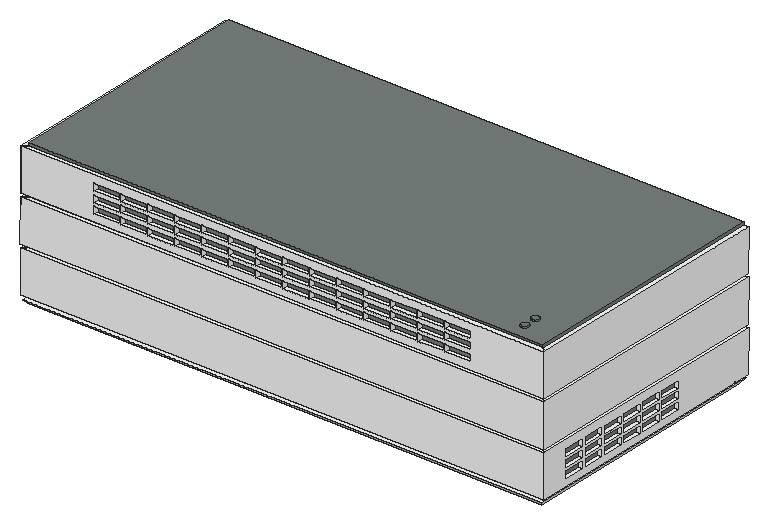
Revit family "AM 500 HT", category Mechanical Equipment, Revit 2019
Family settings
  Round Connector Dimension = Use Diameter
  Part Type = Normal
  OmniClass Number = 23.75.00.00
  OmniClass Title = Climate Control (HVAC)
  Work Plane-Based = No
  Always vertical = Yes
  Cut with Voids When Loaded = No
  Shared = No
  Room Calculation Point = No
Parameters
  Weight (Standard Unit) = 108  # constant formula
  Water Heater Surface Return = 10 mm  # constant formula
  Water Heater Surface IN = 10 mm  # constant formula
  Version number = "1,0"
  URL = "www.airmaster-as.com"
  Total Width = 1600 mm  # constant formula
  Total Hight = 439 mm  # constant formula
  T-C Duct Supply = 171.3 mm  # constant formula
  T-C Duct Exhaust = 171.3 mm  # constant formula
  Suply Air In = 250 mm  # constant formula
  Sidepanel Top [instance] = yes
  Sidepanel Middle [instance] = yes
  Side Panel Buttom [instance] = yes
  R-C Duct Supply = 238 mm  # constant formula
  Publication date = "22.05.2023"
  Phase 1 - Max Power Consumption = "1762 W"
  Phase 1 - Max Current = "8,1 A"
  Nominal current, electrical preheating surface = "4,4 A"
  Nominal current, electrical comfort heating surface = "2,6 A"
  Nominal current, air handling unit = "1,1 A"
  Network Conection = "AWG 24 CAT 5e STP"
  Model = "AM 500 HT"
  Middel panel [instance] = yes
  Max. flow rate 35 dB(A) with ePM10 80% filters = 440.00 m³  # constant formula
  Max. flow rate 35 dB(A) with ePM10 55% filters = 495.00 m³  # constant formula
  Max. flow rate 35 dB(A) with ePM10 50% filters = 550.00 m³  # constant formula
  Max. flow rate 30 dB(A) with ePM10 80% filters = 344.00 m³  # constant formula
  Max. flow rate 30 dB(A) with ePM10 55% filters = 387.00 m³  # constant formula
  Max. flow rate 30 dB(A) with ePM10 50% filters = 430.00 m³  # constant formula
  Manufacturer = "Airmaster A/S"
  Maintenance [instance] = no
  L-C Duct Exhaust = 192 mm  # constant formula
  Exhaust Air = 250 mm  # constant formula
  Total Depth = 779 mm  # constant formula
  Electrical connection = "1 ~ 230 V / N / PE / 50 Hz"
  Drawn By = "LSB"
  Condensate = 9 mm  # constant formula
  BMS Panel = "(PTS) 2x2x0,6"
  BMS Out = "(PTS) 2x2x0,6"
  BMS IN = "(PTS) 2x2x0,6"
  Airlow area [instance] = no
Reference planes
  plane 1 "Center (Front/Back)": y = 0
  plane 2: z = 0
  plane 3 "Center (Left/Right)": x = 0
  plane 4 "Center L/S": y = -779
  plane 5 "Center L/T": x = -800
  plane 6 "Center L/U": x = 800
  plane 7 "TOP": z = 439
  plane 8 "Center L/V": x = -785
  plane 9 "Center L/W": y = -764
  plane 10 "Center L/X": x = 785
  plane 11 "Panel Buttom": z = 24.45
  plane 12 "Panel Top": z = 153.45
  plane 13 "Hatch": z = 14.5
  plane 14 "Center L/Z": z = 163.4
  plane 15 "Center L/AA": z = 292.4
  plane 16 "Center L/BB": z = 302.35
  plane 17 "Center L/CC": z = 431.35
Forms (mm)
  Extrusion 1, solid, material "AM Grey"
    sketch origin (0, 0, 0) x (1, 0, 0) y (0, 1, 0)
      loop
        line (-785, 0) -> (-785, -764) -> (785, -764) -> (785, 0) -> (-785, 0)
    from 14.5 to 439
  Extrusion 2, solid, material "AM White"
    sketch origin (794.5, -1524, 24.45) x (0, -1, 0) y (-1, 0, 0)
      loop
        line (-745, -5.5) -> (-745, 1594.5) -> (-760, 1579.5) -> (-760, 9.5) -> (-745, -5.5)
    from 0 to -129
  Blend 3, solid, material "AM White"
    base sketch origin (-790.646, -1524, 14.5) x (0, -1, 0) y (1, 0, 0)
      loop
        line (-745, -2.387) -> (-745, 1583.657) -> (-1524, 1583.657) -> (-1524, -2.387) -> (-745, -2.387)
    top sketch origin (-790.646, -1524, 14.5) x (0, -1, 0) y (1, 0, 0)
      loop
        line (-760, 8.963) -> (-760, 1572.646) -> (-1509.161, 1572.646) -> (-1509.161, 8.963) -> (-760, 8.963)
    from 0 to -14.5
  Extrusion 4, void
    sketch origin (1480.036, -779, 302.35) x (1, 0, 0) y (0, 0, -1)
      loop
        line (-2055.036, -85.5) -> (-2055.036, -107.5) -> (-1977.536, -107.5) -> (-1977.536, -85.5) -> (-2055.036, -85.5)
      loop
        line (-2055.036, -53.5) -> (-2055.036, -75.5) -> (-1977.536, -75.5) -> (-1977.536, -53.5) -> (-2055.036, -53.5)
      loop
        line (-2055.036, -21.5) -> (-2055.036, -43.5) -> (-1977.536, -43.5) -> (-1977.536, -21.5) -> (-2055.036, -21.5)
      loop
        line (-1972.536, -85.5) -> (-1972.536, -107.5) -> (-1895.036, -107.5) -> (-1895.036, -85.5) -> (-1972.536, -85.5)
      loop
        line (-1972.536, -53.5) -> (-1972.536, -75.5) -> (-1895.036, -75.5) -> (-1895.036, -53.5) -> (-1972.536, -53.5)
      loop
        line (-1972.536, -21.5) -> (-1972.536, -43.5) -> (-1895.036, -43.5) -> (-1895.036, -21.5) -> (-1972.536, -21.5)
      loop
        line (-1890.036, -85.5) -> (-1890.036, -107.5) -> (-1812.536, -107.5) -> (-1812.536, -85.5) -> (-1890.036, -85.5)
      loop
        line (-1890.036, -53.5) -> (-1890.036, -75.5) -> (-1812.536, -75.5) -> (-1812.536, -53.5) -> (-1890.036, -53.5)
      loop
        line (-1890.036, -21.5) -> (-1890.036, -43.5) -> (-1812.536, -43.5) -> (-1812.536, -21.5) -> (-1890.036, -21.5)
      loop
        line (-1807.536, -85.5) -> (-1807.536, -107.5) -> (-1730.036, -107.5) -> (-1730.036, -85.5) -> (-1807.536, -85.5)
      loop
        line (-1807.536, -53.5) -> (-1807.536, -75.5) -> (-1730.036, -75.5) -> (-1730.036, -53.5) -> (-1807.536, -53.5)
      loop
        line (-1807.536, -21.5) -> (-1807.536, -43.5) -> (-1730.036, -43.5) -> (-1730.036, -21.5) -> (-1807.536, -21.5)
      loop
        line (-1725.036, -85.5) -> (-1725.036, -107.5) -> (-1647.536, -107.5) -> (-1647.536, -85.5) -> (-1725.036, -85.5)
      loop
        line (-1725.036, -53.5) -> (-1725.036, -75.5) -> (-1647.536, -75.5) -> (-1647.536, -53.5) -> (-1725.036, -53.5)
      loop
        line (-1725.036, -21.5) -> (-1725.036, -43.5) -> (-1647.536, -43.5) -> (-1647.536, -21.5) -> (-1725.036, -21.5)
      loop
        line (-1642.536, -85.5) -> (-1642.536, -107.5) -> (-1565.036, -107.5) -> (-1565.036, -85.5) -> (-1642.536, -85.5)
      loop
        line (-1642.536, -53.5) -> (-1642.536, -75.5) -> (-1565.036, -75.5) -> (-1565.036, -53.5) -> (-1642.536, -53.5)
      loop
        line (-1642.536, -21.5) -> (-1642.536, -43.5) -> (-1565.036, -43.5) -> (-1565.036, -21.5) -> (-1642.536, -21.5)
      loop
        line (-1560.036, -85.5) -> (-1560.036, -107.5) -> (-1482.536, -107.5) -> (-1482.536, -85.5) -> (-1560.036, -85.5)
      loop
        line (-1560.036, -53.5) -> (-1560.036, -75.5) -> (-1482.536, -75.5) -> (-1482.536, -53.5) -> (-1560.036, -53.5)
      loop
        line (-1560.036, -21.5) -> (-1560.036, -43.5) -> (-1482.536, -43.5) -> (-1482.536, -21.5) -> (-1560.036, -21.5)
      loop
        line (-1477.536, -85.5) -> (-1477.536, -107.5) -> (-1400.036, -107.5) -> (-1400.036, -85.5) -> (-1477.536, -85.5)
      loop
        line (-1477.536, -53.5) -> (-1477.536, -75.5) -> (-1400.036, -75.5) -> (-1400.036, -53.5) -> (-1477.536, -53.5)
      loop
        line (-1477.536, -21.5) -> (-1477.536, -43.5) -> (-1400.036, -43.5) -> (-1400.036, -21.5) -> (-1477.536, -21.5)
      loop
        line (-1395.036, -85.5) -> (-1395.036, -107.5) -> (-1317.536, -107.5) -> (-1317.536, -85.5) -> (-1395.036, -85.5)
      loop
        line (-1395.036, -53.5) -> (-1395.036, -75.5) -> (-1317.536, -75.5) -> (-1317.536, -53.5) -> (-1395.036, -53.5)
      loop
        line (-1395.036, -21.5) -> (-1395.036, -43.5) -> (-1317.536, -43.5) -> (-1317.536, -21.5) -> (-1395.036, -21.5)
      loop
        line (-1312.536, -85.5) -> (-1312.536, -107.5) -> (-1235.036, -107.5) -> (-1235.036, -85.5) -> (-1312.536, -85.5)
      loop
        line (-1312.536, -53.5) -> (-1312.536, -75.5) -> (-1235.036, -75.5) -> (-1235.036, -53.5) -> (-1312.536, -53.5)
      loop
        line (-1312.536, -21.5) -> (-1312.536, -43.5) -> (-1235.036, -43.5) -> (-1235.036, -21.5) -> (-1312.536, -21.5)
      loop
        line (-1230.036, -85.5) -> (-1230.036, -107.5) -> (-1152.536, -107.5) -> (-1152.536, -85.5) -> (-1230.036, -85.5)
      loop
        line (-1230.036, -53.5) -> (-1230.036, -75.5) -> (-1152.536, -75.5) -> (-1152.536, -53.5) -> (-1230.036, -53.5)
      loop
        line (-1230.036, -21.5) -> (-1230.036, -43.5) -> (-1152.536, -43.5) -> (-1152.536, -21.5) -> (-1230.036, -21.5)
      loop
        line (-1147.536, -85.5) -> (-1147.536, -107.5) -> (-1070.036, -107.5) -> (-1070.036, -85.5) -> (-1147.536, -85.5)
      loop
        line (-1147.536, -53.5) -> (-1147.536, -75.5) -> (-1070.036, -75.5) -> (-1070.036, -53.5) -> (-1147.536, -53.5)
      loop
        line (-1147.536, -21.5) -> (-1147.536, -43.5) -> (-1070.036, -43.5) -> (-1070.036, -21.5) -> (-1147.536, -21.5)
      loop
        line (-1065.036, -85.5) -> (-1065.036, -107.5) -> (-987.536, -107.5) -> (-987.536, -85.5) -> (-1065.036, -85.5)
      loop
        line (-1065.036, -53.5) -> (-1065.036, -75.5) -> (-987.536, -75.5) -> (-987.536, -53.5) -> (-1065.036, -53.5)
      loop
        line (-1065.036, -21.5) -> (-1065.036, -43.5) -> (-987.536, -43.5) -> (-987.536, -21.5) -> (-1065.036, -21.5)
      loop
        line (-982.536, -85.5) -> (-982.536, -107.5) -> (-905.036, -107.5) -> (-905.036, -85.5) -> (-982.536, -85.5)
      loop
        line (-982.536, -53.5) -> (-982.536, -75.5) -> (-905.036, -75.5) -> (-905.036, -53.5) -> (-982.536, -53.5)
      loop
        line (-982.536, -21.5) -> (-982.536, -43.5) -> (-905.036, -43.5) -> (-905.036, -21.5) -> (-982.536, -21.5)
    from 0 to 15
  Extrusion 5, solid, material "AM Grey"
    sketch origin (-785, -20, 0) x (0, 1, 0) y (0, 0, -1)
      loop
        arc (-34.231, -35.823) -> (-20.604, -46.468) -> (-15.509, -29.944) r 10.5
        arc (-15.509, -29.944) -> (-26.896, -26.432) -> (-34.231, -35.823) r 10.5
    from 0 to 14.9
  Extrusion 6, void
    sketch origin (800, 1296.25, 24.45) x (0, 1, 0) y (0, 0, -1)
      loop
        line (-1995, -105.164) -> (-1927, -105.164) -> (-1927, -80.664) -> (-1995, -80.664) -> (-1995, -105.164)
      loop
        line (-1995, -75.664) -> (-1927, -75.664) -> (-1927, -51.164) -> (-1995, -51.164) -> (-1995, -75.664)
      loop
        line (-1995, -46.164) -> (-1927, -46.164) -> (-1927, -21.664) -> (-1995, -21.664) -> (-1995, -46.164)
      loop
        line (-1922, -105.164) -> (-1854, -105.164) -> (-1854, -80.664) -> (-1922, -80.664) -> (-1922, -105.164)
      loop
        line (-1922, -75.664) -> (-1854, -75.664) -> (-1854, -51.164) -> (-1922, -51.164) -> (-1922, -75.664)
      loop
        line (-1922, -46.164) -> (-1854, -46.164) -> (-1854, -21.664) -> (-1922, -21.664) -> (-1922, -46.164)
      loop
        line (-1849, -105.164) -> (-1781, -105.164) -> (-1781, -80.664) -> (-1849, -80.664) -> (-1849, -105.164)
      loop
        line (-1849, -75.664) -> (-1781, -75.664) -> (-1781, -51.164) -> (-1849, -51.164) -> (-1849, -75.664)
      loop
        line (-1849, -46.164) -> (-1781, -46.164) -> (-1781, -21.664) -> (-1849, -21.664) -> (-1849, -46.164)
      loop
        line (-1776, -105.164) -> (-1708, -105.164) -> (-1708, -80.664) -> (-1776, -80.664) -> (-1776, -105.164)
      loop
        line (-1776, -75.664) -> (-1708, -75.664) -> (-1708, -51.164) -> (-1776, -51.164) -> (-1776, -75.664)
      loop
        line (-1776, -46.164) -> (-1708, -46.164) -> (-1708, -21.664) -> (-1776, -21.664) -> (-1776, -46.164)
      loop
        line (-1703, -105.164) -> (-1635, -105.164) -> (-1635, -80.664) -> (-1703, -80.664) -> (-1703, -105.164)
      loop
        line (-1703, -75.664) -> (-1635, -75.664) -> (-1635, -51.164) -> (-1703, -51.164) -> (-1703, -75.664)
      loop
        line (-1703, -46.164) -> (-1635, -46.164) -> (-1635, -21.664) -> (-1703, -21.664) -> (-1703, -46.164)
      loop
        line (-1630, -105.164) -> (-1562, -105.164) -> (-1562, -80.664) -> (-1630, -80.664) -> (-1630, -105.164)
      loop
        line (-1630, -75.664) -> (-1562, -75.664) -> (-1562, -51.164) -> (-1630, -51.164) -> (-1630, -75.664)
      loop
        line (-1630, -46.164) -> (-1562, -46.164) -> (-1562, -21.664) -> (-1630, -21.664) -> (-1630, -46.164)
    from 0 to 15
  Extrusion 7, solid, material "AM Grey"
    sketch origin (785, 0, 0) x (0, -1, 0) y (0, 0, -1)
      loop
        circle (48.75, -36.414) r 8
    from 0 to 14.9
  Extrusion 8, solid, material "AM Grey"
    sketch origin (785, 0, 0) x (0, -1, 0) y (0, 0, -1)
      loop
        circle (48.75, -60.414) r 5.5
    from 0 to 14.9
  Extrusion 9, solid, material "AM Grey"
    sketch origin (785, 0, 0) x (0, -1, 0) y (0, 0, -1)
      loop
        arc (52.21, -82.945) -> (49.124, -78.934) -> (45.257, -82.197) r 3.5
        arc (45.257, -82.197) -> (48.376, -85.894) -> (52.21, -82.945) r 3.5
    from 0 to 14.9
  Extrusion 10, solid, material "AM Grey"
    sketch origin (785, 0, 0) x (0, -1, 0) y (0, 0, -1)
      loop
        arc (52.21, -104.867) -> (49.124, -100.856) -> (45.257, -104.119) r 3.5
        arc (45.257, -104.119) -> (48.376, -107.816) -> (52.21, -104.867) r 3.5
    from 0 to 14.9
  Extrusion 11, solid, material "AM Grey"
    sketch origin (785, 0, 0) x (0, -1, 0) y (0, 0, -1)
      loop
        arc (666.553, -391.641) -> (678.119, -403.614) -> (689.95, -391.903) r 11.7
        arc (689.95, -391.903) -> (678.381, -380.215) -> (666.553, -391.641) r 11.7
    from 0 to 2
  Extrusion 12, solid, material "AM Grey"
    sketch origin (785, 0, 0) x (0, -1, 0) y (0, 0, -1)
      loop
        arc (707.323, -393.239) -> (721.418, -403.717) -> (730.869, -388.914) r 12
        arc (730.869, -388.914) -> (717.082, -380.112) -> (707.323, -393.239) r 12
    from 0 to 2
  Extrusion 13, solid, material "AM Grey"
    sketch origin (-785, 0, 0) x (1, 0, 0) y (0, 0, -1)
      loop
        circle (1347, -267.7) r 125
    from 0 to 18.45
  Extrusion 14, solid, material "AM Grey"
    sketch origin (-785, 0, 0) x (1, 0, 0) y (0, 0, -1)
      loop
        circle (177, -267.7) r 125
    from 0 to 18.45
  Extrusion 15, solid, material "AM Grey"
    sketch origin (-2194.69, 0, 0) x (1, 0, 0) y (0, 0, -1)
      loop
        arc (1478.835, -24) -> (1493.457, -45.482) -> (1480.281, -23.084) r 13
        line (1480.281, -23.084) -> (1478.835, -24)
    from 0 to 2
  Extrusion 16, solid, material "AM Grey"
    sketch origin (0, 0, 439) x (1, 0, 0) y (0, 1, 0)
      loop
        arc (693.662, -689.53) -> (693, -667.55) -> (692.338, -689.53) r 11
        line (692.338, -689.53) -> (693.662, -689.53)
    from 0 to 2
  Extrusion 17, solid, material "AM Grey"
    sketch origin (0, 0, 439) x (1, 0, 0) y (0, 1, 0)
      loop
        arc (693.662, -730.28) -> (693, -708.3) -> (692.338, -730.28) r 11
        line (692.338, -730.28) -> (693.662, -730.28)
    from 0 to 2
  Extrusion 18, solid, material "Maintenece", visible <- "Maintenance"
    sketch origin (-790.646, -1524, 0) x (1, 0, 0) y (0, -1, 0)
      loop
        line (-9.354, -1524) -> (1590.646, -1524) -> (1590.646, -745) -> (-9.354, -745) -> (-9.354, -1524)
    from 0 to 1200
  Extrusion 19, solid, material "Maintenece", visible <- "Airlow area"
    sketch origin (800, 1296.25, 24.45) x (0, -1, 0) y (0, 0, -1)
      loop
        line (1296.25, -129) -> (2081.25, -129) -> (2081.25, 21) -> (1296.25, 21) -> (1296.25, -129)
    from 0 to 500
  Extrusion 20, solid, material "AM White", visible <- "Middel panel"
    sketch origin (794.5, -1524, 163.4) x (0, -1, 0) y (-1, 0, 0)
      loop
        line (-745, -5.5) -> (-745, 1594.5) -> (-760, 1579.5) -> (-760, 9.5) -> (-745, -5.5)
    from 0 to -129
  Extrusion 21, solid, material "AM White"
    sketch origin (794.5, -1524, 302.35) x (0, -1, 0) y (-1, 0, 0)
      loop
        line (-745, -5.5) -> (-745, 1594.5) -> (-760, 1579.5) -> (-760, 9.5) -> (-745, -5.5)
    from 0 to -129
  Extrusion 22, solid, material "AM White", visible <- "Side Panel Buttom"
    sketch origin (794.5, -1524, 24.45) x (0, -1, 0) y (-1, 0, 0)
      loop
        line (-1524, -5.5) -> (-745, -5.5) -> (-760, 9.5) -> (-1524, 9.5) -> (-1524, -5.5)
      loop
        line (-760, 1579.5) -> (-745, 1594.5) -> (-1524, 1594.5) -> (-1524, 1579.5) -> (-760, 1579.5)
    from 0 to -129
  Extrusion 23, solid, material "AM White", visible <- "Sidepanel Middle"
    sketch origin (794.5, -1524, 163.4) x (0, -1, 0) y (-1, 0, 0)
      loop
        line (-1524, -5.5) -> (-745, -5.5) -> (-760, 9.5) -> (-1524, 9.5) -> (-1524, -5.5)
      loop
        line (-760, 1579.5) -> (-745, 1594.5) -> (-1524, 1594.5) -> (-1524, 1579.5) -> (-760, 1579.5)
    from 0 to -129
  Extrusion 24, solid, material "AM White", visible <- "Sidepanel Top"
    sketch origin (794.5, -1524, 302.35) x (0, -1, 0) y (-1, 0, 0)
      loop
        line (-1524, -5.5) -> (-745, -5.5) -> (-760, 9.5) -> (-1524, 9.5) -> (-1524, -5.5)
      loop
        line (-760, 1579.5) -> (-745, 1594.5) -> (-1524, 1594.5) -> (-1524, 1579.5) -> (-760, 1579.5)
    from 0 to -129
Cuts and joins
  Extrusion 4, Extrusion 6 cuts Extrusion 1
  Extrusion 4, Extrusion 6 cuts Extrusion 2
  Extrusion 6 cuts Extrusion 22
  Extrusion 4 cuts Extrusion 20
  Extrusion 4 cuts Extrusion 21
Dimensions and locks
  "Total Depth": plane 4 "Center L/S" to plane 1 "Center (Front/Back)"
  equal spacing: plane 5 "Center L/T", plane 3 "Center (Left/Right)", plane 6 "Center L/U"
  "Total Width": plane 5 "Center L/T" to plane 6 "Center L/U"
  "Total Hight": plane 7 "TOP" to level
  locked: plane 10 "Center L/X" to plane 6 "Center L/U" at 15
  locked: plane 4 "Center L/S" to plane 9 "Center L/W" at 15
  locked: plane 5 "Center L/T" to plane 8 "Center L/V" at 15
  Extrusion 1 to Blend 3 sketch curve = 14.839 mm
  "R-C Duct Supply": plane 6 "Center L/U" to Extrusion 13 sketch curve
  "T-C Duct Supply": Extrusion 13 sketch curve to cut or joined group of Extrusion 1, Extrusion 4, Extrusion 6
  "T-C Duct Exhaust": Extrusion 14 sketch curve to plane 7 "TOP"
  "L-C Duct Exhaust": Extrusion 14 sketch curve to plane 5 "Center L/T"
  nested 3 to cut or joined group of Extrusion 2, Extrusion 4, Extrusion 6 = 550 mm
  aligned and locked: level to plane 2
  aligned and locked: plane 1 "Center (Front/Back)" to Extrusion 1 sketch curve
  aligned and locked: Extrusion 1 sketch curve to plane 8 "Center L/V"
  aligned and locked: Extrusion 1 sketch curve to plane 9 "Center L/W"
  aligned and locked: Extrusion 1 sketch curve to plane 10 "Center L/X"
  aligned and locked: plane 7 "TOP" to Extrusion 1
  aligned and locked: plane 4 "Center L/S" to Extrusion 2 sketch curve
  aligned and locked: Extrusion 2 sketch curve to Extrusion 1
  aligned and locked: Extrusion 2 to plane 12 "Panel Top"
  aligned and locked: Blend 3 to plane 2
  aligned and locked: plane 13 "Hatch" to Extrusion 1
  aligned and locked: Extrusion 18 sketch curve to cut or joined group of Extrusion 2, Extrusion 4, Extrusion 6
  aligned and locked: Extrusion 19 sketch curve to cut or joined group of Extrusion 2, Extrusion 4, Extrusion 6
  aligned and locked: Extrusion 20 to plane 15 "Center L/AA"
  aligned and locked: Extrusion 21 to plane 17 "Center L/CC"
Automatic sketch dimensions
  Extrusion 2 sketch curve to plane 5 "Center L/T" = 0 mm
  Extrusion 2 sketch curve to plane 8 "Center L/V" = 0 mm
  Extrusion 2 sketch curve to plane 10 "Center L/X" = 0 mm
  Extrusion 2 sketch curve to plane 6 "Center L/U" = 0 mm
  plane 1 "Center (Front/Back)" to Blend 3 sketch curve = 0 mm
  plane 4 "Center L/S" to Blend 3 sketch curve = 0 mm
  plane 5 "Center L/T" to Blend 3 sketch curve = 6.967 mm
  Blend 3 sketch curve to plane 6 "Center L/U" = 6.989 mm
  plane 9 "Center L/W" to Blend 3 sketch curve = 0 mm
  plane 8 "Center L/V" to Blend 3 sketch curve = 3.316 mm
  Blend 3 sketch curve to plane 10 "Center L/X" = 3 mm
  Extrusion 2 to Extrusion 4 sketch curve = 234.4 mm  (x4)
  Extrusion 2 to Extrusion 4 sketch curve = 225 mm
  Extrusion 4 sketch curve to Extrusion 4 sketch curve = 0 mm  (x87)
  Extrusion 4 sketch curve to Extrusion 4 sketch curve = 77.5 mm  (x14)
  Extrusion 4 sketch curve to Extrusion 4 sketch curve = 5 mm  (x39)
  Extrusion 2 to Extrusion 4 sketch curve = 256.4 mm  (x3)
  Extrusion 4 sketch curve to Extrusion 4 sketch curve = 10 mm  (x12)
  Extrusion 4 sketch curve to Extrusion 4 sketch curve = 22 mm  (x4)
  Extrusion 4 sketch curve to Extrusion 2 = 299.4 mm  (x4)
  Extrusion 5 sketch curve to Extrusion 5 sketch curve = 0 mm  (x2)
  Extrusion 1 to Extrusion 5 sketch curve = 43.75 mm
  Extrusion 1 to Extrusion 5 sketch curve = 21.95 mm
  Extrusion 5 sketch curve to Extrusion 5 sketch curve = 10.481 mm
  Extrusion 5 sketch curve to Extrusion 5 sketch curve = 8.241 mm
  Extrusion 5 sketch curve to Extrusion 5 sketch curve = 0.627 mm
  plane 12 "Panel Top" to Extrusion 6 sketch curve = 23.836 mm  (x2)
  Extrusion 6 sketch curve to plane 9 "Center L/W" = 65.25 mm
  Extrusion 6 sketch curve to Extrusion 6 sketch curve = 0 mm  (x33)
  Extrusion 6 sketch curve to Extrusion 6 sketch curve = 68 mm  (x6)
  Extrusion 6 sketch curve to Extrusion 6 sketch curve = 5 mm  (x22)
  Extrusion 6 sketch curve to Extrusion 6 sketch curve = 24.5 mm  (x5)
  Extrusion 6 sketch curve to plane 11 "Panel Buttom" = 21.664 mm  (x3)
  Extrusion 1 to Extrusion 7 sketch curve = 21.914 mm
  Extrusion 1 to Extrusion 7 sketch curve = 48.75 mm
  Extrusion 1 to Extrusion 8 sketch curve = 48.75 mm
  Extrusion 1 to Extrusion 8 sketch curve = 45.914 mm
  Extrusion 9 sketch curve to Extrusion 9 sketch curve = 0 mm  (x2)
  Extrusion 1 to Extrusion 9 sketch curve = 48.75 mm
  Extrusion 1 to Extrusion 9 sketch curve = 67.914 mm
  Extrusion 9 sketch curve to Extrusion 9 sketch curve = 3.493 mm
  Extrusion 9 sketch curve to Extrusion 9 sketch curve = 3.46 mm
  Extrusion 9 sketch curve to Extrusion 9 sketch curve = 0.531 mm
  Extrusion 10 sketch curve to Extrusion 10 sketch curve = 0 mm  (x2)
  Extrusion 1 to Extrusion 10 sketch curve = 48.75 mm
  Extrusion 1 to Extrusion 10 sketch curve = 89.836 mm
  Extrusion 10 sketch curve to Extrusion 10 sketch curve = 3.493 mm
  Extrusion 10 sketch curve to Extrusion 10 sketch curve = 3.46 mm
  Extrusion 10 sketch curve to Extrusion 10 sketch curve = 0.531 mm
  Extrusion 11 sketch curve to Extrusion 11 sketch curve = 0 mm  (x2)
  Extrusion 1 to Extrusion 11 sketch curve = 85.75 mm
  Extrusion 1 to Extrusion 11 sketch curve = 47.086 mm
  Extrusion 11 sketch curve to Extrusion 11 sketch curve = 11.697 mm
  Extrusion 11 sketch curve to Extrusion 11 sketch curve = 11.7 mm
  Extrusion 11 sketch curve to Extrusion 11 sketch curve = 0.011 mm
  Extrusion 12 sketch curve to Extrusion 12 sketch curve = 0 mm  (x2)
  Extrusion 1 to Extrusion 12 sketch curve = 44.75 mm
  Extrusion 1 to Extrusion 12 sketch curve = 47.086 mm
  Extrusion 12 sketch curve to Extrusion 12 sketch curve = 11.927 mm
  Extrusion 12 sketch curve to Extrusion 12 sketch curve = 11.619 mm
  Extrusion 12 sketch curve to Extrusion 12 sketch curve = 1.325 mm
  Extrusion 1 to Extrusion 15 sketch curve = 9.5 mm
  Extrusion 15 sketch curve to Extrusion 1 = 69.145 mm
  Extrusion 1 to Extrusion 15 sketch curve = 8.584 mm
  Extrusion 15 sketch curve to Extrusion 15 sketch curve = 1.446 mm
  Extrusion 15 sketch curve to Extrusion 15 sketch curve = 6.219 mm
  Extrusion 16 sketch curve to Extrusion 1 = 92.662 mm
  Extrusion 16 sketch curve to Extrusion 16 sketch curve = 0.662 mm
  Extrusion 16 sketch curve to Extrusion 1 = 74.47 mm
  Extrusion 16 sketch curve to Extrusion 16 sketch curve = 10.98 mm
  Extrusion 17 sketch curve to Extrusion 1 = 92.662 mm
  Extrusion 17 sketch curve to Extrusion 17 sketch curve = 0.662 mm
  Extrusion 17 sketch curve to Extrusion 1 = 33.72 mm
  Extrusion 17 sketch curve to Extrusion 17 sketch curve = 10.98 mm
  Extrusion 18 sketch curve to Blend 3 = 18.316 mm
  Extrusion 18 sketch curve to Blend 3 = 18 mm
  Extrusion 18 sketch curve to Blend 3 = 14.839 mm
  Extrusion 19 sketch curve to plane 1 "Center (Front/Back)" = 0 mm
  plane 4 "Center L/S" to Extrusion 19 sketch curve = 6 mm
  level to Extrusion 19 sketch curve = 3.45 mm
  Extrusion 20 sketch curve to plane 8 "Center L/V" = 0 mm
  Extrusion 20 sketch curve to plane 9 "Center L/W" = 0 mm
  plane 4 "Center L/S" to Extrusion 20 sketch curve = 0 mm
  Extrusion 20 sketch curve to plane 5 "Center L/T" = 0 mm
  Extrusion 20 sketch curve to plane 10 "Center L/X" = 0 mm
  Extrusion 20 sketch curve to plane 6 "Center L/U" = 0 mm
  Extrusion 21 sketch curve to plane 8 "Center L/V" = 0 mm
  Extrusion 21 sketch curve to plane 9 "Center L/W" = 0 mm
  plane 4 "Center L/S" to Extrusion 21 sketch curve = 0 mm
  Extrusion 21 sketch curve to plane 5 "Center L/T" = 0 mm
  Extrusion 21 sketch curve to plane 10 "Center L/X" = 0 mm
  Extrusion 21 sketch curve to plane 6 "Center L/U" = 0 mm
  plane 1 "Center (Front/Back)" to Extrusion 22 sketch curve = 0 mm  (x2)
  plane 9 "Center L/W" to Extrusion 22 sketch curve = 0 mm
  Extrusion 22 sketch curve to plane 8 "Center L/V" = 0 mm
  Extrusion 22 sketch curve to plane 9 "Center L/W" = 0 mm
  plane 4 "Center L/S" to Extrusion 22 sketch curve = 0 mm  (x2)
  Extrusion 22 sketch curve to plane 5 "Center L/T" = 0 mm
  Extrusion 22 sketch curve to plane 10 "Center L/X" = 0 mm
  Extrusion 22 sketch curve to plane 6 "Center L/U" = 0 mm
  plane 1 "Center (Front/Back)" to Extrusion 23 sketch curve = 0 mm  (x2)
  plane 9 "Center L/W" to Extrusion 23 sketch curve = 0 mm
  Extrusion 23 sketch curve to plane 8 "Center L/V" = 0 mm
  Extrusion 23 sketch curve to plane 9 "Center L/W" = 0 mm
  plane 4 "Center L/S" to Extrusion 23 sketch curve = 0 mm  (x2)
  Extrusion 23 sketch curve to plane 5 "Center L/T" = 0 mm
  Extrusion 23 sketch curve to plane 10 "Center L/X" = 0 mm
  Extrusion 23 sketch curve to plane 6 "Center L/U" = 0 mm
  plane 1 "Center (Front/Back)" to Extrusion 24 sketch curve = 0 mm  (x2)
  plane 9 "Center L/W" to Extrusion 24 sketch curve = 0 mm
  Extrusion 24 sketch curve to plane 8 "Center L/V" = 0 mm
  Extrusion 24 sketch curve to plane 9 "Center L/W" = 0 mm
  plane 4 "Center L/S" to Extrusion 24 sketch curve = 0 mm  (x2)
  Extrusion 24 sketch curve to plane 5 "Center L/T" = 0 mm
  Extrusion 24 sketch curve to plane 10 "Center L/X" = 0 mm
  Extrusion 24 sketch curve to plane 6 "Center L/U" = 0 mm
  radius of Extrusion 7 sketch curve = 8 mm
  radius of Extrusion 8 sketch curve = 5.5 mm
  radius of Extrusion 13 sketch curve = 125 mm
  radius of Extrusion 14 sketch curve = 125 mm
Nested families
  nested 1: "Model Label 2019" at (0, -361.924, 0), Label <- "Model", type "Model Label 2019"
    with Label "AM 500 HT"
  nested 2: "Pil Indtag" at (1400, -364, 0) x (-1, 0, 0) z (0, 0, 1), type "Pil Indtag"
    with dX_ 609 mm, dX 609 mm, ang2D 0.00°
  nested 3: "indblæssymbol" at (0, -879, 0) x (0, -1, 0) z (0, 0, 1), type "indblæssymbol"
    with dX_ 609 mm, dX 609 mm, ang2D 0.00°
Connectors
  piping at (-799.9, -44.87, 32.883), diameter 9, driven by "Condensate"
    settings: on Extrusion 5, index 1, connector inside diameter 609.6 mm, connector length 0 mm, flow factor 0, pipe flow 0.0 L/s, pressure drop 0.0 Pa, fitting loss kfactor 0, connector angle 0.00°, fixture units 0, engagement length 0 mm, angle of deflection 0.00°, flow configuration 0, flow direction 0, fitting loss method 0, system type 16, joint type 0, gender type 0, connector reference index -1, connector utility 0, adjustable connector no, is connector primary yes, connector description ""
  electrical at (799.9, -48.75, 36.414), driven by "Electrical connection"
    settings: on Extrusion 7, index 2, voltage 230 V, apparent load 0 VA, apparent load phase1 0 VA, apparent load phase2 0 VA, apparent load phase3 0 VA, power factor 0.58, load classification "Other", number of poles 1, system type 30, power factor state 1, is connector primary yes, connector utility no, sub classification motor no, connector description "1 ~ 230 V / N / PE / 50 Hz"
  electrical at (799.9, -48.75, 60.414), driven by "Network Conection"
    settings: on Extrusion 8, index 3, voltage 0 V, apparent load 0 VA, apparent load phase1 0 VA, apparent load phase2 0 VA, apparent load phase3 0 VA, power factor 1, load classification "Other", number of poles 1, system type 5, power factor state 1, is connector primary no, connector utility no, sub classification motor no, connector description "AWG 24 CAT 5e STP"
  electrical at (799.9, -48.733, 82.571), driven by "BMS IN"
    settings: on Extrusion 9, index 4, voltage 0 V, apparent load 0 VA, apparent load phase1 0 VA, apparent load phase2 0 VA, apparent load phase3 0 VA, power factor 1, load classification "Other", number of poles 1, system type 5, power factor state 1, is connector primary no, connector utility no, sub classification motor no, connector description "(PTS) 2x2x0,6"
  electrical at (799.9, -48.733, 104.493), driven by "BMS Out"
    settings: on Extrusion 10, index 5, voltage 0 V, apparent load 0 VA, apparent load phase1 0 VA, apparent load phase2 0 VA, apparent load phase3 0 VA, power factor 1, load classification "Other", number of poles 1, system type 5, power factor state 1, is connector primary no, connector utility no, sub classification motor no, connector description "(PTS) 2x2x0,6"
  piping at (787, -719.096, 391.076), diameter 10, driven by "Water Heater Surface IN"
    settings: on Extrusion 12, index 6, connector inside diameter 609.6 mm, connector length 0 mm, flow factor 0, pipe flow 0.0 L/s, pressure drop 0.0 Pa, fitting loss kfactor 0, connector angle 0.00°, fixture units 0, engagement length 0 mm, angle of deflection 0.00°, flow configuration 0, flow direction 1, fitting loss method 0, system type 7, joint type 0, gender type 0, connector reference index -1, connector utility 0, adjustable connector no, is connector primary no, connector description ""
  piping at (787, -678.252, 391.772), diameter 10, driven by "Water Heater Surface Return"
    settings: on Extrusion 11, index 7, connector inside diameter 609.6 mm, connector length 0 mm, flow factor 0, pipe flow 0.0 L/s, pressure drop 0.0 Pa, fitting loss kfactor 0, connector angle 0.00°, fixture units 0, engagement length 0 mm, angle of deflection 0.00°, flow configuration 0, flow direction 2, fitting loss method 0, system type 8, joint type 0, gender type 0, connector reference index -1, connector utility 0, adjustable connector no, is connector primary no, connector description ""
  piping at (-715.132, 2, 23.542), diameter 9, driven by "Condensate"
    settings: on Extrusion 15, index 8, connector inside diameter 609.6 mm, connector length 0 mm, flow factor 0, pipe flow 0.0 L/s, pressure drop 0.0 Pa, fitting loss kfactor 0, connector angle 0.00°, fixture units 0, engagement length 0 mm, angle of deflection 0.00°, flow configuration 0, flow direction 0, fitting loss method 0, system type 16, joint type 0, gender type 0, connector reference index -1, connector utility 0, adjustable connector no, is connector primary no, connector description "9"
  piping at (693, -730.28, 441), diameter 10, driven by "Water Heater Surface IN"
    settings: on Extrusion 17, index 11, connector inside diameter 609.6 mm, connector length 0 mm, flow factor 0, pipe flow 0.0 L/s, pressure drop 0.0 Pa, fitting loss kfactor 0, connector angle 0.00°, fixture units 0, engagement length 0 mm, angle of deflection 0.00°, flow configuration 0, flow direction 0, fitting loss method 0, system type 19, joint type 0, gender type 0, connector reference index -1, connector utility 0, adjustable connector no, is connector primary no, connector description ""
  piping at (693, -689.53, 441), diameter 10, driven by "Water Heater Surface Return"
    settings: on Extrusion 16, index 12, connector inside diameter 609.6 mm, connector length 0 mm, flow factor 0, pipe flow 0.0 L/s, pressure drop 0.0 Pa, fitting loss kfactor 0, connector angle 0.00°, fixture units 0, engagement length 0 mm, angle of deflection 0.00°, flow configuration 0, flow direction 0, fitting loss method 0, system type 19, joint type 0, gender type 0, connector reference index -1, connector utility 0, adjustable connector no, is connector primary no, connector description ""
  hvac at (562, 0, 267.7), driven by "Suply Air In"
    settings: on Extrusion 13, index 13, duct flow 0.0 L/s, flow factor 0, pres drop 0.0 Pa, loss coef 0, conn angle 0.00°, conn width 304.8 mm, conn height 304.8 mm, conn diameter 250 mm, duct sys type 1, conn prof type 0, flow config 0, flow direction 1, loss method 0, conn ref index -1, conn util no, is conn primary yes, conn desc ""
  hvac at (-608, 0, 267.7), driven by "Exhaust Air"
    settings: on Extrusion 14, index 14, duct flow 0.0 L/s, flow factor 0, pres drop 0.0 Pa, loss coef 0, conn angle 0.00°, conn width 304.8 mm, conn height 304.8 mm, conn diameter 250 mm, duct sys type 3, conn prof type 0, flow config 0, flow direction 2, loss method 0, conn ref index -1, conn util no, is conn primary no, conn desc ""
Definition of nested family "Model Label 2019"
  Parameters (values of type "Model Label 2019")
    Label [instance] = ""
  Reference planes
    plane 1: y = 0
    plane 2: x = 0
  Text (mm)
    label "Label" at (-0.131, 0.049, 0), shows "Label"
Definition of nested family "Pil Indtag"
  Parameters (values of type "Pil Indtag")
    dX_ [instance] = if(dX = 0 mm, 1 mm, dX)  # 609 mm
    dX [instance] = 609 mm
    ang2D [instance] = 0.00°
    Type Comments = "DO NOT CHANGE dX value from 608 mm ( 2 ft )"
    Afstand pil = 50 mm
  Reference planes
    plane 1 "Center (Front/Back)": y = 0
    plane 2: z = 0
    plane 3 "Center (Left/Right)": x = 0
    plane 4: x = 500
  Lines and regions (mm)
    Filled region 1, type "Concrete", in view "Ref. Level"
      outline origin (0, 0, 0) x (1, 0, 0) y (0, 1, 0)
        loop
          line (499.552, 0) -> (401.072, 17.365) -> (401.072, -17.365) -> (499.552, 0)
    reference lines, in view "Ref. Level"
      curve 1: line (50, 134.129, 0) -> (50, -145.871, 0)
    detail lines, in view "Ref. Level", not visible
      curve 2: arc (335, 0, 0) -> (385.559, -50.321, 0) -> (434.999, 1.101, 0) r 50.01
      curve 3: arc (335, 0, 0) -> (285.666, 52.633, 0) -> (235.069, 1.212, 0) r 50.01
      curve 4: line (434.999, 1.101, 0) -> (434.999, 21.156, 0)
      curve 5: line (235.069, 1.212, 0) -> (235.069, -18.844, 0)
    detail lines, in view "Ref. Level"
      curve 6: arc (225.332, 0, 0) -> (272.332, -35.211, 0) -> (294.114, 19.326, 0) r 36.995
      curve 7: arc (225.206, 0, 0) -> (173.868, 30.307, 0) -> (156.85, -26.829, 0) r 37.835
      curve 8: line (499.552, 0, 0) -> (401.072, 17.365, 0)
      curve 9: line (401.072, 17.365, 0) -> (401.072, -17.365, 0)
      curve 10: line (401.072, -17.365, 0) -> (499.552, 0, 0)
      curve 11: line (499.552, 0, 0) -> (-15.448, 0, 0)
  Dimensions and locks
    "Afstand pil": plane 3 "Center (Left/Right)" to curve 1
    plane 3 "Center (Left/Right)" to plane 4 = 500 mm
  Automatic sketch dimensions
    plane 1 "Center (Front/Back)" to Filled region 1 sketch curve = 0 mm
    Filled region 1 sketch curve to plane 4 = 0.448 mm
    plane 1 "Center (Front/Back)" to Filled region 1 sketch curve = 17.365 mm
    Filled region 1 sketch curve to plane 4 = 98.928 mm
    Filled region 1 sketch curve to plane 1 "Center (Front/Back)" = 17.365 mm
    plane 1 "Center (Front/Back)" to curve 11 = 0 mm
    plane 1 "Center (Front/Back)" to curve 7 = 4.913 mm
    plane 3 "Center (Left/Right)" to curve 7 = 187.691 mm
    curve 6 to plane 1 "Center (Front/Back)" = 0.405 mm
    curve 7 to curve 6 = 74.634 mm
    curve 9 to plane 1 "Center (Front/Back)" = 17.365 mm
    curve 9 to plane 4 = 98.928 mm
    curve 11 to plane 4 = 0.448 mm
    plane 1 "Center (Front/Back)" to curve 10 = 17.365 mm
    curve 7 to curve 7 = 30.842 mm
    curve 11 to plane 3 "Center (Left/Right)" = 15.448 mm
    curve 7 to curve 6 = 37.119 mm
    curve 7 to curve 6 = 0.126 mm
    curve 6 to plane 1 "Center (Front/Back)" = 19.326 mm
    plane 1 "Center (Front/Back)" to curve 1 = 145.871 mm
    curve 1 to plane 1 "Center (Front/Back)" = 134.129 mm
Definition of nested family "indblæssymbol"
  Parameters (values of type "indblæssymbol")
    dX_ [instance] = if(dX = 0 mm, 1 mm, dX)  # 609 mm
    dX [instance] = 609 mm
    ang2D [instance] = 0.00°
    Type Comments = "DO NOT CHANGE dX value from 608 mm ( 2 ft )"
    Afstand pil = 50 mm
  Reference planes
    plane 1 "Center (Front/Back)": y = 0
    plane 2: z = 0
    plane 3 "Center (Left/Right)": x = 0
  Lines and regions (mm)
    Filled region 1, type "Concrete", in view "Ref. Level"
      outline origin (50.005, 0, 0) x (1, 0, 0) y (0, 1, 0)
        loop
          line (399.995, 0.414) -> (301.442, 17.365) -> (301.588, -17.365) -> (399.995, 0.414)
    reference lines, in view "Ref. Level"
      curve 1: line (50, 134.129, 0) -> (50, -145.871, 0)
    detail lines, in view "Ref. Level"
      curve 2: line (351.52, 0, 0) -> (50, 0, 0)
  Dimensions and locks
    "Afstand pil": plane 3 "Center (Left/Right)" to curve 1
    curve 1 to Filled region 1 = 400 mm
  Automatic sketch dimensions
    Filled region 1 sketch curve to plane 1 "Center (Front/Back)" = 0.414 mm
    plane 3 "Center (Left/Right)" to Filled region 1 sketch curve = 450 mm
    plane 1 "Center (Front/Back)" to Filled region 1 sketch curve = 17.365 mm
    Filled region 1 sketch curve to Filled region 1 sketch curve = 98.407 mm
    Filled region 1 sketch curve to plane 1 "Center (Front/Back)" = 17.365 mm
    Filled region 1 sketch curve to Filled region 1 sketch curve = 0.146 mm
    plane 1 "Center (Front/Back)" to curve 2 = 0 mm
    plane 3 "Center (Left/Right)" to curve 2 = 50 mm
    curve 2 to curve 2 = 301.52 mm
    plane 1 "Center (Front/Back)" to curve 1 = 145.871 mm
    curve 1 to plane 1 "Center (Front/Back)" = 134.129 mm
